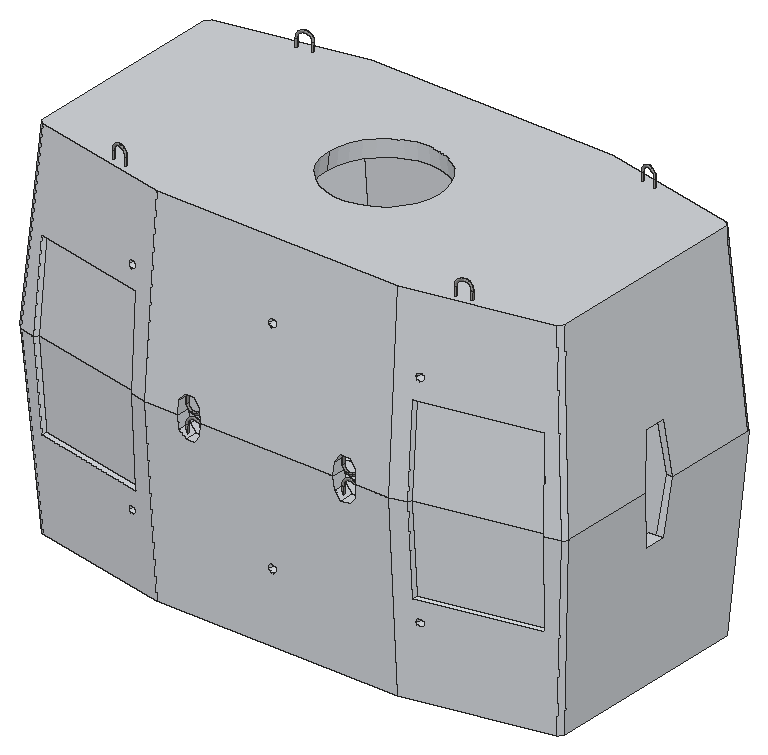
Revit family "110101-00062 Колодец ККСр-5-10 ГЕК-ССД", category Обобщенные модели, Revit 2019
Family settings
  Может служить основой для арматурных стержней = Нет
  Размер круглого соединителя = Использовать диаметр
  Тип детали = Нормальный
  На основе рабочей плоскости = Нет
  Всегда вертикально = Да
  При загрузке вырезать с полостями = Нет
  Общий = Нет
  Точка расчета площади = Нет
Parameters (values of type "Колодец ККСр-5-10 ГЕК-ССД")
  ADSK_Ширина = 1600 mm
  ADSK_Ссылка на сайт = "https://www.ssd.ru/kolodets-kksr-5-10-gek-ssd-v22-5"
  ADSK_Сертификат соответствия = "https://www.ssd.ru/upload/iblock/ec0/sert_b25_0221.pdf"
  ADSK_Наименование = "Колодец ККСр-5-10 ГЕК-ССД"
  ADSK_Масса = "4723"
  ADSK_Марка = "ККСр"
  ADSK_Код изделия = "110101-00062"
  ADSK_Класс бетона = "В25"
  ADSK_Изготовитель = "АО \"СВЯЗЬСТРОЙДЕТАЛЬ\""
  ADSK_Длина = 2990 mm
  ADSK_Высота = 2000 mm
Reference planes
  plane 1 "По центру (Вперед/Назад)": y = 0
  plane 2: z = 0
  plane 3 "По центру (Влево/Вправо)": x = 0
Dimensions and locks
  "ADSK_Высота": nested 1 to nested 2
  "ADSK_Ширина": nested 2 to nested 2
  "ADSK_Длина": nested 2 to nested 2
  aligned and locked: level to plane 2
Nested families
  nested 1: "110101-00062 Колодец ККСр-5-10 Низ" at (0, 0, 0), type "110101-00062 Колодец ККСр-5-10 Низ"
  nested 2: "110101-00062 Колодец ККСр-5-10 Верх" at (0, 0, 1000), type "110101-00062 Колодец ККСр-5-10 Верх"
Definition of nested family "110101-00062 Колодец ККСр-5-10 Низ"
  Parameters
    Ширина = 1600 mm
    Длина = 2990 mm
    Высота = 1000 mm
  Reference planes
    plane 1 "По центру (Вперед/Назад)": y = 0
    plane 2: z = 0
    plane 3 "По центру (Влево/Вправо)": x = 0
    plane 4: x = -1495
    plane 5: y = 800
    plane 6: x = 1495
    plane 7: y = -800
    plane 8: y = 730
    plane 9: x = -1425
    plane 10: x = 1425
    plane 11: y = -730
    plane 12: z = 1000
    plane 13: z = 50
    plane 14: z = 100
    plane 15: z = 150
  Forms (mm)
    Blend 1, solid
      base sketch origin (0, 0, 0) x (1, 0, 0) y (0, 1, 0)
        loop
          line (-658, 730) -> (-1399.852, 578.148) -> (-1425, 553) -> (-1425, -553) -> (-1399.852, -578.148) -> (-658, -730) -> (658, -730) -> (1399.852, -578.148) -> (1425, -553) -> (1425, 553) -> (1399.852, 578.148) -> (658, 730) -> (-658, 730)
      top sketch origin (0, 0, 0) x (1, 0, 0) y (0, 1, 0)
        loop
          line (-664.49, 800) -> (-1475.406, 634.011) -> (-1495, 610) -> (-1495, -610) -> (-1475.406, -634.011) -> (-664.49, -800) -> (664.49, -800) -> (1475.406, -634.011) -> (1495, -610) -> (1495, 610) -> (1475.406, 634.011) -> (664.49, 800) -> (-664.49, 800)
      from 0 to 1000
    Blend 2, void
      base sketch origin (0, 0, 0) x (1, 0, 0) y (0, 1, 0)
        loop
          line (-650, 650) -> (-1345, 508) -> (-1345, 0) -> (-1345, -508) -> (-650, -650) -> (650, -650) -> (1345, -508) -> (1345, 0) -> (1345, 508) -> (650, 650) -> (-650, 650)
      top sketch origin (0, 0, 0) x (1, 0, 0) y (0, 1, 0)
        loop
          line (-1425, -573) -> (-658, -730) -> (658, -730) -> (1425, -573) -> (1425, 573) -> (658, 730) -> (-658, 730) -> (-1425, 573) -> (-1425, -573)
      from 150 to 1000
    Blend 3, void
      base sketch origin (-0.01, 0, 0) x (1, 0, 0) y (0, 1, 0)
        loop
          line (-645, 600) -> (-1295, 467) -> (-1295, -467) -> (-645, -600) -> (645, -600) -> (1295, -467) -> (1295, 467) -> (645, 600) -> (-645, 600)
      top sketch origin (-0.01, 0, 0) x (1, 0, 0) y (0, 1, 0)
        loop
          line (-650, 650) -> (-1345, 508) -> (-1345, -508) -> (-650, -650) -> (650, -650) -> (1345, -508) -> (1345, 508) -> (650, 650) -> (-650, 650)
      from 100 to 150
    Blend 4, void
      base sketch origin (0, 0, 0) x (1, 0, 0) y (0, 1, 0)
        loop
          line (-125, 250) -> (-125, -250) -> (125, -250) -> (125, 250) -> (-125, 250)
      top sketch origin (0, 0, 0) x (1, 0, 0) y (0, 1, 0)
        loop
          line (-175, 300) -> (-175, -300) -> (175, -300) -> (175, 300) -> (-175, 300)
      from 50 to 100
    Extrusion 5, void
      sketch origin (0, 0, 0) x (1, 0, 0) y (0, 0, 1)
        loop
          line (487, 1000) -> (362, 1000) -> (367, 930) -> (399, 890) -> (450, 890) -> (482, 930) -> (487, 1000)
      from 716.217 to 800
    Extrusion 6, void
      sketch origin (0, 0, 0) x (-1, 0, 0) y (0, 0, -1)
        loop
          line (487, -1000) -> (482, -930) -> (450, -890) -> (399, -890) -> (367, -930) -> (362, -1000) -> (487, -1000)
      from 716.217 to 800
    Extrusion 7, void
      sketch origin (0, 0, 0) x (0, 1, 0) y (0, 0, 1)
        loop
          line (97.5, 1000) -> (-97.5, 1000) -> (-62.5, 710) -> (62.5, 710) -> (97.5, 1000)
      from -1495 to -1390.146
    Blend 8, void
      base sketch origin (-1345.479, 254, 155.095) x (0.093704, 0, -0.9956) y (0, -1, 0)
        loop
          line (-853.756, 341.5) -> (-561.128, 306.338) -> (-337.475, 335.985) -> (-337.475, 581.019) -> (-853.756, 634.556) -> (-853.756, 341.5)
      top sketch origin (-1345.479, 254, 155.095) x (0.093704, 0, -0.9956) y (0, -1, 0)
        loop
          line (-853.756, 351.124) -> (-563.962, 316.303) -> (-347.475, 345) -> (-347.475, 572.379) -> (-853.756, 624.879) -> (-853.756, 351.124)
      from 0 to 33.233
    Blend 9, void
      base sketch origin (-1345.479, -254, 155.095) x (0.093704, 0, -0.9956) y (0, -1, 0)
        loop
          line (-853.756, -341.5) -> (-853.756, -634.556) -> (-337.475, -581.019) -> (-337.475, -335.985) -> (-561.128, -306.338) -> (-853.756, -341.5)
      top sketch origin (-1345.479, -254, 155.095) x (0.093704, 0, -0.9956) y (0, -1, 0)
        loop
          line (-853.756, -351.124) -> (-853.756, -624.879) -> (-347.475, -572.379) -> (-347.475, -345) -> (-563.962, -316.303) -> (-853.756, -351.124)
      from 0 to 33.233
    Blend 10, void
      base sketch origin (1346.659, -254, 155.095) x (-0.093704, 0, -0.9956) y (0, 1, 0)
        loop
          line (-853.756, 341.5) -> (-561.128, 306.338) -> (-337.475, 335.985) -> (-337.475, 581.019) -> (-853.756, 634.556) -> (-853.756, 341.5)
      top sketch origin (1346.659, -254, 155.095) x (-0.093704, 0, -0.9956) y (0, 1, 0)
        loop
          line (-853.756, 351.124) -> (-563.962, 316.303) -> (-347.475, 345) -> (-347.475, 572.379) -> (-853.756, 624.879) -> (-853.756, 351.124)
      from -8.701 to 33.233
    Blend 11, void
      base sketch origin (1346.659, 254, 155.095) x (-0.093704, 0, -0.9956) y (0, 1, 0)
        loop
          line (-853.756, -341.5) -> (-853.756, -634.556) -> (-337.475, -581.019) -> (-337.475, -335.985) -> (-561.128, -306.338) -> (-853.756, -341.5)
      top sketch origin (1346.659, 254, 155.095) x (-0.093704, 0, -0.9956) y (0, 1, 0)
        loop
          line (-853.756, -351.124) -> (-853.756, -624.879) -> (-347.475, -572.379) -> (-347.475, -345) -> (-563.962, -316.303) -> (-853.756, -351.124)
      from -2.349 to 33.233
    Extrusion 12, void
      sketch origin (0, 0, 0) x (0, 1, 0) y (0, 0, -1)
        loop
          line (97.5, -1000) -> (62.5, -710) -> (-62.5, -710) -> (-97.5, -1000) -> (97.5, -1000)
      from -1495 to -1390.146
    Blend 13, void
      base sketch origin (-1028.926, -654.074, 0) x (-0.979686, 0.200536, 0) y (-0.013979, -0.068294, 0.997567)
        loop
          line (352.569, 1002.653) -> (-297.433, 1002.653) -> (-287.224, 514.222) -> (342.36, 514.222) -> (352.569, 1002.653)
      top sketch origin (-1028.926, -654.074, 0) x (-0.979686, 0.200536, 0) y (-0.013979, -0.068294, 0.997567)
        loop
          line (342.569, 1002.653) -> (-287.431, 1002.653) -> (-277.398, 522.653) -> (332.536, 522.653) -> (342.569, 1002.653)
      from 0 to 19.546
    Blend 14, void
      base sketch origin (-1028.926, 654.074, 0) x (-0.979686, -0.200536, 0) y (0.013979, -0.068294, -0.997567)
        loop
          line (352.569, -1002.653) -> (342.36, -514.222) -> (-287.224, -514.222) -> (-297.433, -1002.653) -> (352.569, -1002.653)
      top sketch origin (-1028.926, 654.074, 0) x (-0.979686, -0.200536, 0) y (0.013979, -0.068294, -0.997567)
        loop
          line (342.569, -1002.653) -> (332.536, -522.653) -> (-277.398, -522.653) -> (-287.431, -1002.653) -> (342.569, -1002.653)
      from 0 to 19.546
    Blend 15, void
      base sketch origin (1028.926, 654.074, 0) x (0.979686, -0.200536, 0) y (0.013979, 0.068294, 0.997567)
        loop
          line (352.569, 1002.653) -> (-297.433, 1002.653) -> (-287.224, 514.222) -> (342.36, 514.222) -> (352.569, 1002.653)
      top sketch origin (1028.926, 654.074, 0) x (0.979686, -0.200536, 0) y (0.013979, 0.068294, 0.997567)
        loop
          line (342.569, 1002.653) -> (-287.431, 1002.653) -> (-277.398, 522.653) -> (332.536, 522.653) -> (342.569, 1002.653)
      from 0 to 19.546
    Blend 16, void
      base sketch origin (1028.926, -654.074, 0) x (0.979686, 0.200536, 0) y (-0.013979, 0.068294, -0.997567)
        loop
          line (352.569, -1002.653) -> (342.36, -514.222) -> (-287.224, -514.222) -> (-297.433, -1002.653) -> (352.569, -1002.653)
      top sketch origin (1028.926, -654.074, 0) x (0.979686, 0.200536, 0) y (-0.013979, 0.068294, -0.997567)
        loop
          line (342.569, -1002.653) -> (332.536, -522.653) -> (-277.398, -522.653) -> (-287.431, -1002.653) -> (342.569, -1002.653)
      from 0 to 19.546
    Sweep 17, solid, detail levels fine
      path origin (234.489, 0, -98.17) x (1, 0, 0) y (0, 0, 1)
        loop
          line (230, 1000) -> (230, 1045)
          arc (230, 1045) -> (190, 1085) -> (150, 1045) r 40
          line (150, 1045) -> (150, 1000)
      profile origin (464.489, 0, 924.33) x (-1, 0, 0) y (0, -1, 0)
        loop
          circle (0, 760.974) r 5
    Extrusion 18, void
      sketch origin (0, 0, 0) x (-1, 0, 0) y (0, 0, 1)
        loop
          line (487, 1000) -> (362, 1000) -> (367, 930) -> (399, 890) -> (450, 890) -> (482, 930) -> (487, 1000)
      from 716.217 to 800
    Extrusion 19, void
      sketch origin (0, 0, 0) x (1, 0, 0) y (0, 0, -1)
        loop
          line (487, -1000) -> (482, -930) -> (450, -890) -> (399, -890) -> (367, -930) -> (362, -1000) -> (487, -1000)
      from 716.217 to 800
    Sweep 20, solid, detail levels fine
      path origin (-234.489, 0, -98.17) x (-1, 0, 0) y (0, 0, 1)
        loop
          line (230, 1000) -> (230, 1045)
          arc (230, 1045) -> (190, 1085) -> (150, 1045) r 40
          line (150, 1045) -> (150, 1000)
      profile origin (-464.489, 0, 924.33) x (-1, 0, 0) y (0, -1, 0)
        loop
          circle (0, 760.974) r 5
    Sweep 21, solid, detail levels fine
      path origin (-234.489, 0, -98.17) x (-1, 0, 0) y (0, 0, 1)
        loop
          line (230, 1000) -> (230, 1045)
          arc (230, 1045) -> (190, 1085) -> (150, 1045) r 40
          line (150, 1045) -> (150, 1000)
      profile origin (-464.489, 0, 924.33) x (1, 0, 0) y (0, 1, 0)
        loop
          circle (0, 760.974) r 5
    Sweep 22, solid, detail levels fine
      path origin (234.489, 0, -98.17) x (1, 0, 0) y (0, 0, -1)
        loop
          line (230, -1000) -> (230, -1045)
          arc (230, -1045) -> (190, -1085) -> (150, -1045) r 40
          line (150, -1045) -> (150, -1000)
      profile origin (464.489, 0, 924.33) x (1, 0, 0) y (0, 1, 0)
        loop
          circle (0, 760.974) r 5
    Blend 23, void, detail levels medium+fine
      base sketch origin (-412.882, 0, -10.295) x (1, 0, 0) y (0, 0, 1)
        loop
          circle (413.032, 410.459) r 22.5
      top sketch origin (-412.882, 0, -10.295) x (1, 0, 0) y (0, 0, 1)
        loop
          circle (413.032, 410.459) r 7.016
      from 760.5 to 719.744
    Blend 24, void, detail levels medium+fine
      base sketch origin (-412.882, 0, -10.295) x (1, 0, 0) y (0, 0, 1)
        loop
          circle (413.032, 410.459) r 7.016
      top sketch origin (-412.882, 0, -10.295) x (1, 0, 0) y (0, 0, 1)
        loop
          circle (413.032, 410.459) r 6.25
      from 719.744 to 672.1
    Blend 25, void, detail levels medium+fine
      base sketch origin (372.118, 0, -10.295) x (1, 0, 0) y (0, 0, 1)
        loop
          circle (413.032, 410.459) r 22.5
      top sketch origin (372.118, 0, -10.295) x (1, 0, 0) y (0, 0, 1)
        loop
          circle (413.032, 410.459) r 7.016
      from 741.202 to 679.836
    Blend 26, void, detail levels medium+fine
      base sketch origin (372.118, 0, -10.295) x (1, 0, 0) y (0, 0, 1)
        loop
          circle (413.032, 410.459) r 7.016
      top sketch origin (372.118, 0, -10.295) x (1, 0, 0) y (0, 0, 1)
        loop
          circle (413.032, 410.459) r 6.25
      from 679.836 to 638.328
    Blend 27, void, detail levels medium+fine
      base sketch origin (-372.118, 0, -10.295) x (-1, 0, 0) y (0, 0, -1)
        loop
          circle (413.032, -410.459) r 22.5
      top sketch origin (-372.118, 0, -10.295) x (-1, 0, 0) y (0, 0, -1)
        loop
          circle (413.032, -410.459) r 7.016
      from 741.202 to 679.836
    Blend 28, void, detail levels medium+fine
      base sketch origin (-372.118, 0, -10.295) x (-1, 0, 0) y (0, 0, -1)
        loop
          circle (413.032, -410.459) r 7.016
      top sketch origin (-372.118, 0, -10.295) x (-1, 0, 0) y (0, 0, -1)
        loop
          circle (413.032, -410.459) r 6.25
      from 679.836 to 638.328
    Blend 29, void, detail levels medium+fine
      base sketch origin (-412.882, 0, -10.295) x (1, 0, 0) y (0, 0, -1)
        loop
          circle (413.032, -410.459) r 22.5
      top sketch origin (-412.882, 0, -10.295) x (1, 0, 0) y (0, 0, -1)
        loop
          circle (413.032, -410.459) r 7.016
      from 760.5 to 719.744
    Blend 30, void, detail levels medium+fine
      base sketch origin (-412.882, 0, -10.295) x (1, 0, 0) y (0, 0, -1)
        loop
          circle (413.032, -410.459) r 7.016
      top sketch origin (-412.882, 0, -10.295) x (1, 0, 0) y (0, 0, -1)
        loop
          circle (413.032, -410.459) r 6.25
      from 719.744 to 672.1
    Blend 31, void, detail levels medium+fine
      base sketch origin (372.118, 0, -10.295) x (1, 0, 0) y (0, 0, -1)
        loop
          circle (413.032, -410.459) r 22.5
      top sketch origin (372.118, 0, -10.295) x (1, 0, 0) y (0, 0, -1)
        loop
          circle (413.032, -410.459) r 7.016
      from 741.202 to 679.836
    Blend 32, void, detail levels medium+fine
      base sketch origin (372.118, 0, -10.295) x (1, 0, 0) y (0, 0, -1)
        loop
          circle (413.032, -410.459) r 7.016
      top sketch origin (372.118, 0, -10.295) x (1, 0, 0) y (0, 0, -1)
        loop
          circle (413.032, -410.459) r 6.25
      from 679.836 to 638.328
    Blend 33, void, detail levels medium+fine
      base sketch origin (-372.118, 0, -10.295) x (-1, 0, 0) y (0, 0, 1)
        loop
          circle (413.032, 410.459) r 22.5
      top sketch origin (-372.118, 0, -10.295) x (-1, 0, 0) y (0, 0, 1)
        loop
          circle (413.032, 410.459) r 7.016
      from 741.202 to 679.836
    Blend 34, void, detail levels medium+fine
      base sketch origin (-372.118, 0, -10.295) x (-1, 0, 0) y (0, 0, 1)
        loop
          circle (413.032, 410.459) r 7.016
      top sketch origin (-372.118, 0, -10.295) x (-1, 0, 0) y (0, 0, 1)
        loop
          circle (413.032, 410.459) r 6.25
      from 679.836 to 638.328
  Cuts and joins
    Blend 2, Blend 3, Blend 4, Extrusion 5, Extrusion 6, Extrusion 7, Blend 8, Blend 9, Blend 10, Blend 11, Extrusion 12, Blend 13, Blend 14, Blend 15, Blend 16, Extrusion 18, Extrusion 19, Blend 23, Blend 24, Blend 25, Blend 26, Blend 27, Blend 28, Blend 29, Blend 30, Blend 31, Blend 32, Blend 33, Blend 34 cuts Blend 1
  Dimensions and locks
    "Длина": plane 4 to plane 6
    equal spacing: plane 4, plane 3 "По центру (Влево/Вправо)", plane 6
    "Ширина": plane 5 to plane 7
    equal spacing: plane 5, plane 1 "По центру (Вперед/Назад)", plane 7
    "Высота": plane 12 to level
    cut or joined group of Blend 1, Blend 2, Blend 3, Blend 4, Extrusion 5, Extrusion 6, Extrusion 7, Blend 8, Blend 9, Blend 10, Blend 11, Extrusion 12, Blend 13, Blend 14, Blend 15, Blend 16, Extrusion 18, Extrusion 19, Blend 23, Blend 24, Blend 25, Blend 26, Blend 27, Blend 28, Blend 29, Blend 30, Blend 31, Blend 32, Blend 33, Blend 34 to plane 12 = 1000 mm
    aligned and locked: level to plane 2
    aligned and locked: plane 12 to Blend 1
    aligned and locked: Blend 1 to level
    aligned and locked: Blend 1 to Blend 2
    aligned and locked: Blend 2 to plane 15
    aligned and locked: var sketch to Blend 13 sketch curve
    aligned and locked: Blend 9 to Blend 8
    aligned and locked: var sketch to Blend 14 sketch curve
    aligned and locked: var sketch to Blend 15 sketch curve
    aligned and locked: var sketch to Blend 16 sketch curve
  Automatic sketch dimensions
    Blend 1 sketch curve to plane 9 = 0 mm
    plane 11 to Blend 1 sketch curve = 0 mm
    Blend 1 sketch curve to plane 8 = 0 mm
    Blend 1 sketch curve to plane 10 = 0 mm
    plane 9 to Blend 1 sketch curve = 25.148 mm  (x2)
    Blend 1 sketch curve to plane 3 "По центру (Влево/Вправо)" = 658 mm  (x2)
    plane 3 "По центру (Влево/Вправо)" to Blend 1 sketch curve = 658 mm  (x2)
    plane 10 to Blend 1 sketch curve = 25.148 mm  (x2)
    Blend 1 sketch curve to plane 11 = 151.852 mm  (x2)
    Blend 1 sketch curve to Blend 1 sketch curve = 25.148 mm  (x4)
    Blend 1 sketch curve to plane 8 = 177 mm  (x2)
    Blend 1 sketch curve to plane 4 = 0 mm
    Blend 1 sketch curve to plane 5 = 0 mm
    Blend 1 sketch curve to plane 7 = 0 mm
    Blend 1 sketch curve to plane 6 = 0 mm
    plane 4 to Blend 1 sketch curve = 19.594 mm  (x2)
    Blend 1 sketch curve to plane 3 "По центру (Влево/Вправо)" = 664.49 mm  (x2)
    plane 3 "По центру (Влево/Вправо)" to Blend 1 sketch curve = 664.49 mm  (x2)
    Blend 1 sketch curve to plane 6 = 19.594 mm  (x2)
    plane 7 to Blend 1 sketch curve = 165.989 mm  (x2)
    Blend 1 sketch curve to Blend 1 sketch curve = 24.011 mm  (x4)
    Blend 1 sketch curve to plane 5 = 190 mm  (x2)
    plane 1 "По центру (Вперед/Назад)" to Blend 2 sketch curve = 0 mm  (x2)
    plane 4 to Blend 2 sketch curve = 150 mm
    plane 7 to Blend 2 sketch curve = 150 mm
    Blend 2 sketch curve to plane 3 "По центру (Влево/Вправо)" = 650 mm  (x2)
    Blend 2 sketch curve to plane 5 = 150 mm
    plane 3 "По центру (Влево/Вправо)" to Blend 2 sketch curve = 650 mm  (x2)
    Blend 2 sketch curve to plane 6 = 150 mm
    plane 7 to Blend 2 sketch curve = 292 mm  (x2)
    Blend 2 sketch curve to plane 5 = 292 mm  (x2)
    plane 4 to Blend 2 sketch curve = 70 mm
    Blend 2 sketch curve to plane 5 = 70 mm
    Blend 2 sketch curve to plane 3 "По центру (Влево/Вправо)" = 658 mm  (x2)
    plane 7 to Blend 2 sketch curve = 70 mm
    plane 3 "По центру (Влево/Вправо)" to Blend 2 sketch curve = 658 mm  (x2)
    Blend 2 sketch curve to plane 6 = 70 mm
    plane 7 to Blend 2 sketch curve = 227 mm  (x2)
    Blend 2 sketch curve to plane 5 = 227 mm  (x2)
    plane 4 to Blend 3 sketch curve = 199.99 mm
    Blend 3 sketch curve to plane 5 = 200 mm
    Blend 3 sketch curve to plane 3 "По центру (Влево/Вправо)" = 645.01 mm  (x2)
    plane 7 to Blend 3 sketch curve = 200 mm
    plane 3 "По центру (Влево/Вправо)" to Blend 3 sketch curve = 644.99 mm  (x2)
    Blend 3 sketch curve to plane 6 = 200.01 mm
    plane 7 to Blend 3 sketch curve = 333 mm  (x2)
    Blend 3 sketch curve to plane 5 = 333 mm  (x2)
    plane 4 to Blend 3 sketch curve = 149.99 mm
    Blend 3 sketch curve to plane 5 = 150 mm
    Blend 3 sketch curve to plane 3 "По центру (Влево/Вправо)" = 650.01 mm  (x2)
    plane 7 to Blend 3 sketch curve = 150 mm
    plane 3 "По центру (Влево/Вправо)" to Blend 3 sketch curve = 649.99 mm  (x2)
    Blend 3 sketch curve to plane 6 = 150.01 mm
    plane 7 to Blend 3 sketch curve = 292 mm  (x2)
    Blend 3 sketch curve to plane 5 = 292 mm  (x2)
    Blend 4 sketch curve to plane 3 "По центру (Влево/Вправо)" = 125 mm
    plane 3 "По центру (Влево/Вправо)" to Blend 4 sketch curve = 125 mm
    plane 1 "По центру (Вперед/Назад)" to Blend 4 sketch curve = 250 mm
    Blend 4 sketch curve to plane 1 "По центру (Вперед/Назад)" = 250 mm
    Blend 4 sketch curve to plane 3 "По центру (Влево/Вправо)" = 175 mm
    plane 3 "По центру (Влево/Вправо)" to Blend 4 sketch curve = 175 mm
    plane 1 "По центру (Вперед/Назад)" to Blend 4 sketch curve = 300 mm
    Blend 4 sketch curve to plane 1 "По центру (Вперед/Назад)" = 300 mm
    Extrusion 5 sketch curve to plane 12 = 0 mm
    plane 3 "По центру (Влево/Вправо)" to Extrusion 5 sketch curve = 362 mm
    Extrusion 5 sketch curve to plane 12 = 70 mm  (x2)
    Extrusion 5 sketch curve to Extrusion 5 sketch curve = 5 mm  (x2)
    Extrusion 5 sketch curve to Extrusion 5 sketch curve = 32 mm  (x2)
    Extrusion 5 sketch curve to plane 12 = 110 mm
    Extrusion 5 sketch curve to Extrusion 5 sketch curve = 51 mm
    Extrusion 6 sketch curve to plane 12 = 0 mm
    plane 3 "По центру (Влево/Вправо)" to Extrusion 6 sketch curve = 362 mm
    plane 12 to Extrusion 6 sketch curve = 70 mm  (x2)
    Extrusion 6 sketch curve to Extrusion 6 sketch curve = 5 mm  (x2)
    Extrusion 6 sketch curve to Extrusion 6 sketch curve = 32 mm  (x2)
    plane 12 to Extrusion 6 sketch curve = 110 mm
    Extrusion 6 sketch curve to Extrusion 6 sketch curve = 51 mm
    Extrusion 7 sketch curve to plane 12 = 0 mm
    plane 1 "По центру (Вперед/Назад)" to Extrusion 7 sketch curve = 97.5 mm
    plane 1 "По центру (Вперед/Назад)" to Extrusion 7 sketch curve = 62.5 mm
    Extrusion 7 sketch curve to plane 1 "По центру (Вперед/Назад)" = 62.5 mm
    Extrusion 7 sketch curve to plane 1 "По центру (Вперед/Назад)" = 97.5 mm
    Extrusion 7 sketch curve to plane 12 = 290 mm
    Blend 2 to Blend 8 sketch curve = 5.117 mm  (x2)
    Blend 8 sketch curve to Blend 2 = 287.512 mm
    Blend 8 sketch curve to Blend 2 = 342.592 mm
    Blend 2 to Blend 8 sketch curve = 272.097 mm
    Blend 8 sketch curve to Blend 8 sketch curve = 29.647 mm
    Blend 8 sketch curve to Blend 8 sketch curve = 35.162 mm
    Blend 8 sketch curve to Blend 8 sketch curve = 245.034 mm
    Blend 8 sketch curve to Blend 8 sketch curve = 293.056 mm
    Blend 8 sketch curve to Blend 2 = 284.677 mm
    Blend 8 sketch curve to Blend 8 sketch curve = 216.487 mm
    Blend 2 to Blend 8 sketch curve = 265.402 mm
    Blend 8 sketch curve to Blend 8 sketch curve = 28.697 mm
    Blend 8 sketch curve to Blend 8 sketch curve = 34.821 mm
    Blend 8 sketch curve to Blend 8 sketch curve = 227.379 mm
    Blend 8 sketch curve to Blend 8 sketch curve = 273.755 mm
    Blend 2 to Blend 9 sketch curve = 5.117 mm  (x2)
    Blend 9 sketch curve to Blend 2 = 287.512 mm
    Blend 9 sketch curve to Blend 2 = 342.592 mm
    Blend 9 sketch curve to Blend 2 = 192.277 mm
    Blend 9 sketch curve to Blend 9 sketch curve = 53.537 mm
    Blend 9 sketch curve to Blend 9 sketch curve = 293.056 mm
    Blend 9 sketch curve to Blend 9 sketch curve = 245.034 mm
    Blend 9 sketch curve to Blend 9 sketch curve = 29.647 mm
    Blend 9 sketch curve to Blend 2 = 284.677 mm
    Blend 9 sketch curve to Blend 9 sketch curve = 216.487 mm
    Blend 9 sketch curve to Blend 2 = 201.926 mm
    Blend 9 sketch curve to Blend 9 sketch curve = 52.5 mm
    Blend 9 sketch curve to Blend 9 sketch curve = 273.755 mm
    Blend 9 sketch curve to Blend 9 sketch curve = 227.379 mm
    Blend 9 sketch curve to Blend 9 sketch curve = 28.697 mm
    Blend 10 sketch curve to plane 1 "По центру (Вперед/Назад)" = 87.5 mm
    Blend 10 sketch curve to plane 1 "По центру (Вперед/Назад)" = 52.338 mm
    Blend 10 sketch curve to Blend 10 sketch curve = 292.629 mm
    Blend 10 sketch curve to Blend 10 sketch curve = 223.653 mm
    Blend 10 sketch curve to plane 1 "По центру (Вперед/Назад)" = 81.985 mm
    Blend 10 sketch curve to Blend 10 sketch curve = 245.034 mm
    Blend 10 sketch curve to Blend 10 sketch curve = 293.056 mm
    Blend 10 sketch curve to plane 1 "По центру (Вперед/Назад)" = 370.879 mm
    Blend 10 sketch curve to plane 1 "По центру (Вперед/Назад)" = 62.303 mm
    Blend 10 sketch curve to Blend 10 sketch curve = 289.794 mm
    Blend 10 sketch curve to plane 1 "По центру (Вперед/Назад)" = 318.379 mm
    Blend 10 sketch curve to Blend 10 sketch curve = 216.487 mm
    Blend 10 sketch curve to plane 1 "По центру (Вперед/Назад)" = 91 mm
    Blend 10 sketch curve to plane 1 "По центру (Вперед/Назад)" = 97.124 mm
    plane 1 "По центру (Вперед/Назад)" to Blend 11 sketch curve = 87.5 mm
    plane 1 "По центру (Вперед/Назад)" to Blend 11 sketch curve = 52.338 mm
    Blend 11 sketch curve to Blend 11 sketch curve = 292.629 mm
    Blend 11 sketch curve to Blend 11 sketch curve = 223.653 mm
    plane 1 "По центру (Вперед/Назад)" to Blend 11 sketch curve = 327.019 mm
    Blend 11 sketch curve to Blend 11 sketch curve = 293.056 mm
    plane 1 "По центру (Вперед/Назад)" to Blend 11 sketch curve = 81.985 mm
    plane 1 "По центру (Вперед/Назад)" to Blend 11 sketch curve = 370.879 mm
    plane 1 "По центру (Вперед/Назад)" to Blend 11 sketch curve = 62.303 mm
    Blend 11 sketch curve to Blend 11 sketch curve = 289.794 mm
    plane 1 "По центру (Вперед/Назад)" to Blend 11 sketch curve = 318.379 mm
    Blend 11 sketch curve to Blend 11 sketch curve = 216.487 mm
    plane 1 "По центру (Вперед/Назад)" to Blend 11 sketch curve = 97.124 mm
    plane 1 "По центру (Вперед/Назад)" to Blend 11 sketch curve = 91 mm
    Extrusion 12 sketch curve to plane 12 = 0 mm
    plane 1 "По центру (Вперед/Назад)" to Extrusion 12 sketch curve = 97.5 mm
    plane 1 "По центру (Вперед/Назад)" to Extrusion 12 sketch curve = 62.5 mm
    Extrusion 12 sketch curve to plane 1 "По центру (Вперед/Назад)" = 62.5 mm
    Extrusion 12 sketch curve to plane 1 "По центру (Вперед/Назад)" = 97.5 mm
    Extrusion 12 sketch curve to plane 12 = 290 mm
    Blend 1 to Blend 13 sketch curve = 0.214 mm
    Blend 1 to Blend 13 sketch curve = 88.862 mm
    Blend 13 sketch curve to Blend 13 sketch curve = 10.209 mm  (x2)
    Blend 13 sketch curve to Blend 1 = 488.216 mm
    Blend 13 sketch curve to Blend 13 sketch curve = 629.584 mm
    Blend 1 to Blend 13 sketch curve = 98.864 mm
    Blend 13 sketch curve to Blend 1 = 479.786 mm
    Blend 13 sketch curve to Blend 13 sketch curve = 10.033 mm  (x2)
    Blend 13 sketch curve to Blend 13 sketch curve = 609.934 mm
    Blend 14 sketch curve to Blend 14 sketch curve = 10.209 mm  (x2)
    Blend 14 sketch curve to Blend 14 sketch curve = 629.584 mm
    Blend 14 sketch curve to Blend 14 sketch curve = 488.43 mm
    Blend 14 sketch curve to Blend 14 sketch curve = 10.033 mm  (x2)
    Blend 14 sketch curve to Blend 14 sketch curve = 609.934 mm
    Blend 14 sketch curve to Blend 14 sketch curve = 480 mm
    Blend 15 sketch curve to Blend 15 sketch curve = 10.209 mm  (x2)
    Blend 15 sketch curve to Blend 15 sketch curve = 629.584 mm
    Blend 15 sketch curve to Blend 15 sketch curve = 488.43 mm
    Blend 15 sketch curve to Blend 15 sketch curve = 10.033 mm  (x2)
    Blend 15 sketch curve to Blend 15 sketch curve = 609.934 mm
    Blend 15 sketch curve to Blend 15 sketch curve = 480 mm
    Blend 16 sketch curve to Blend 16 sketch curve = 10.209 mm  (x2)
    Blend 16 sketch curve to Blend 16 sketch curve = 629.584 mm
    Blend 16 sketch curve to Blend 16 sketch curve = 488.43 mm
    Blend 16 sketch curve to Blend 16 sketch curve = 10.033 mm  (x2)
    Blend 16 sketch curve to Blend 16 sketch curve = 609.934 mm
    Blend 16 sketch curve to Blend 16 sketch curve = 480 mm
    Sweep 17 sketch curve to plane 12 = 53.17 mm
    plane 3 "По центру (Влево/Вправо)" to Sweep 17 sketch curve = 384.489 mm
    Sweep 17 sketch curve to Sweep 17 sketch curve = 40 mm
    Sweep 17 sketch curve to Sweep 17 sketch curve = 45 mm  (x2)
    Sweep 17 sketch curve to profile plane = 0 mm
    plane 1 "По центру (Вперед/Назад)" to Sweep 17 sketch curve = 760.974 mm
    Extrusion 18 sketch curve to plane 12 = 0 mm
    Extrusion 18 sketch curve to plane 3 "По центру (Влево/Вправо)" = 362 mm
    Extrusion 18 sketch curve to plane 12 = 70 mm  (x2)
    Extrusion 18 sketch curve to Extrusion 18 sketch curve = 5 mm  (x2)
    Extrusion 18 sketch curve to Extrusion 18 sketch curve = 32 mm  (x2)
    Extrusion 18 sketch curve to plane 12 = 110 mm
    Extrusion 18 sketch curve to Extrusion 18 sketch curve = 51 mm
    Extrusion 19 sketch curve to plane 12 = 0 mm
    plane 3 "По центру (Влево/Вправо)" to Extrusion 19 sketch curve = 362 mm
    Extrusion 19 sketch curve to plane 12 = 70 mm  (x2)
    Extrusion 19 sketch curve to Extrusion 19 sketch curve = 5 mm  (x2)
    Extrusion 19 sketch curve to Extrusion 19 sketch curve = 32 mm  (x2)
    Extrusion 19 sketch curve to plane 12 = 110 mm
    Extrusion 19 sketch curve to Extrusion 19 sketch curve = 51 mm
    plane 12 to Sweep 20 sketch curve = 53.17 mm
    plane 3 "По центру (Влево/Вправо)" to Sweep 20 sketch curve = 384.489 mm
    Sweep 20 sketch curve to Sweep 20 sketch curve = 40 mm
    Sweep 20 sketch curve to Sweep 20 sketch curve = 45 mm  (x2)
    Sweep 20 sketch curve to profile plane = 0 mm
    plane 1 "По центру (Вперед/Назад)" to Sweep 20 sketch curve = 760.974 mm
    Sweep 21 sketch curve to plane 12 = 53.17 mm
    Sweep 21 sketch curve to plane 3 "По центру (Влево/Вправо)" = 384.489 mm
    Sweep 21 sketch curve to Sweep 21 sketch curve = 40 mm
    Sweep 21 sketch curve to Sweep 21 sketch curve = 45 mm  (x2)
    Sweep 21 sketch curve to profile plane = 0 mm
    profile plane to Sweep 21 sketch curve = 760.974 mm
    Sweep 22 sketch curve to plane 12 = 53.17 mm
    plane 3 "По центру (Влево/Вправо)" to Sweep 22 sketch curve = 384.489 mm
    Sweep 22 sketch curve to Sweep 22 sketch curve = 40 mm
    Sweep 22 sketch curve to Sweep 22 sketch curve = 45 mm  (x2)
    Sweep 22 sketch curve to profile plane = 0 mm
    profile plane to Sweep 22 sketch curve = 760.974 mm
    plane 3 "По центру (Влево/Вправо)" to Blend 23 sketch curve = 0.151 mm  (x2)
    plane 15 to Blend 23 sketch curve = 250.164 mm  (x2)
    plane 3 "По центру (Влево/Вправо)" to Blend 24 sketch curve = 0.151 mm  (x2)
    plane 15 to Blend 24 sketch curve = 250.164 mm  (x2)
    plane 15 to Blend 25 sketch curve = 250.164 mm  (x2)
    Blend 25 sketch curve to plane 6 = 709.849 mm  (x2)
    plane 15 to Blend 26 sketch curve = 250.164 mm  (x2)
    Blend 26 sketch curve to plane 6 = 709.849 mm  (x2)
    Blend 27 sketch curve to plane 15 = 250.164 mm  (x2)
    Blend 27 sketch curve to plane 4 = 709.849 mm  (x2)
    Blend 28 sketch curve to plane 15 = 250.164 mm  (x2)
    Blend 28 sketch curve to plane 4 = 709.849 mm  (x2)
    plane 3 "По центру (Влево/Вправо)" to Blend 29 sketch curve = 0.151 mm  (x2)
    plane 15 to Blend 29 sketch curve = 250.164 mm  (x2)
    plane 3 "По центру (Влево/Вправо)" to Blend 30 sketch curve = 0.151 mm  (x2)
    plane 15 to Blend 30 sketch curve = 250.164 mm  (x2)
    plane 15 to Blend 31 sketch curve = 250.164 mm  (x2)
    Blend 31 sketch curve to plane 6 = 709.849 mm  (x2)
    plane 15 to Blend 32 sketch curve = 250.164 mm  (x2)
    Blend 32 sketch curve to plane 6 = 709.849 mm  (x2)
    plane 15 to Blend 33 sketch curve = 250.164 mm  (x2)
    plane 4 to Blend 33 sketch curve = 709.849 mm  (x2)
    plane 15 to Blend 34 sketch curve = 250.164 mm  (x2)
    plane 4 to Blend 34 sketch curve = 709.849 mm  (x2)
    radius of Sweep 17 sketch curve = 5 mm
    radius of Sweep 20 sketch curve = 5 mm
    radius of Sweep 21 sketch curve = 5 mm
    radius of Sweep 22 sketch curve = 5 mm
    radius of Blend 23 sketch curve = 22.5 mm
    radius of Blend 23 sketch curve = 7.016 mm
    radius of Blend 24 sketch curve = 7.016 mm
    radius of Blend 24 sketch curve = 6.25 mm
    radius of Blend 25 sketch curve = 22.5 mm
    radius of Blend 25 sketch curve = 7.016 mm
    radius of Blend 26 sketch curve = 7.016 mm
    radius of Blend 26 sketch curve = 6.25 mm
    radius of Blend 27 sketch curve = 22.5 mm
    radius of Blend 27 sketch curve = 7.016 mm
    radius of Blend 28 sketch curve = 7.016 mm
    radius of Blend 28 sketch curve = 6.25 mm
    radius of Blend 29 sketch curve = 22.5 mm
    radius of Blend 29 sketch curve = 7.016 mm
    radius of Blend 30 sketch curve = 7.016 mm
    radius of Blend 30 sketch curve = 6.25 mm
    radius of Blend 31 sketch curve = 22.5 mm
    radius of Blend 31 sketch curve = 7.016 mm
    radius of Blend 32 sketch curve = 7.016 mm
    radius of Blend 32 sketch curve = 6.25 mm
    radius of Blend 33 sketch curve = 22.5 mm
    radius of Blend 33 sketch curve = 7.016 mm
    radius of Blend 34 sketch curve = 7.016 mm
    radius of Blend 34 sketch curve = 6.25 mm
Definition of nested family "110101-00062 Колодец ККСр-5-10 Верх"
  Parameters
    Ширина = 1600 mm
    Длина = 2990 mm
    Высота = 1000 mm
  Reference planes
    plane 1 "По центру (Вперед/Назад)": y = 0
    plane 2: z = 0
    plane 3 "По центру (Влево/Вправо)": x = 0
    plane 4: x = -1495
    plane 5: y = 800
    plane 6: x = 1495
    plane 7: y = -800
    plane 8: z = 1000
    plane 9: z = 2000
    plane 10: y = 730
    plane 11: x = -1425
    plane 12: x = 1425
    plane 13: y = -730
    plane 14: z = 1900
    plane 15: z = 1850
    plane 16: z = 900
    plane 17: z = 849.989
  Forms (mm)
    Blend 1, solid
      base sketch origin (0, 0, 1000) x (0, -1, 0) y (1, 0, 0)
        loop
          line (-730, -658) -> (-578.148, -1399.852) -> (-553, -1425) -> (553, -1425) -> (578.148, -1399.852) -> (730, -658) -> (730, 658) -> (578.148, 1399.852) -> (553, 1425) -> (-553, 1425) -> (-578.148, 1399.852) -> (-730, 658) -> (-730, -658)
      top sketch origin (0, 0, 1000) x (0, -1, 0) y (1, 0, 0)
        loop
          line (-800, -664.49) -> (-634.011, -1475.406) -> (-610, -1495) -> (610, -1495) -> (634.011, -1475.406) -> (800, -664.49) -> (800, 664.49) -> (634.011, 1475.406) -> (610, 1495) -> (-610, 1495) -> (-634.011, 1475.406) -> (-800, 664.49) -> (-800, -664.49)
      from 0 to -1000
    Blend 2, void
      base sketch origin (-0.01, 0, 1000) x (0, -1, 0) y (1, 0, 0)
        loop
          line (-600, -645) -> (-467, -1295) -> (467, -1295) -> (600, -645) -> (600, 645) -> (467, 1295) -> (-467, 1295) -> (-600, 645) -> (-600, -645)
      top sketch origin (-0.01, 0, 1000) x (0, -1, 0) y (1, 0, 0)
        loop
          line (-650, -650) -> (-508, -1345) -> (508, -1345) -> (650, -650) -> (650, 650) -> (508, 1345) -> (-508, 1345) -> (-650, 650) -> (-650, -650)
      from -100 to -150
    Blend 3, void
      base sketch origin (0, 0, 1000) x (0, -1, 0) y (1, 0, 0)
        loop
          line (-650, -650) -> (-508, -1345) -> (0, -1345) -> (508, -1345) -> (650, -650) -> (650, 650) -> (508, 1345) -> (0, 1345) -> (-508, 1345) -> (-650, 650) -> (-650, -650)
      top sketch origin (0, 0, 1000) x (0, -1, 0) y (1, 0, 0)
        loop
          line (573, -1425) -> (730, -658) -> (730, 658) -> (573, 1425) -> (-573, 1425) -> (-730, 658) -> (-730, -658) -> (-573, -1425) -> (573, -1425)
      from -150 to -1000
    Extrusion 4, void
      sketch origin (0, 0, 1000) x (1, 0, 0) y (0, 0, -1)
        loop
          line (487, 1000) -> (362, 1000) -> (367, 930) -> (399, 890) -> (450, 890) -> (482, 930) -> (487, 1000)
      from 716.217 to 800
    Sweep 5, solid, detail levels fine
      path origin (234.489, 0, 1098.17) x (1, 0, 0) y (0, 0, -1)
        loop
          line (230, 1000) -> (230, 1045)
          arc (230, 1045) -> (190, 1085) -> (150, 1045) r 40
          line (150, 1045) -> (150, 1000)
      profile origin (464.489, 0, 75.67) x (0, 1, 0) y (-1, 0, 0)
        loop
          circle (760.974, 0) r 5
    Blend 6, void
      base sketch origin (1028.926, 654.074, 1000) x (0.979686, -0.200536, 0) y (-0.013979, -0.068294, 0.997567)
        loop
          line (352.569, -1002.653) -> (342.36, -514.222) -> (-287.224, -514.222) -> (-297.433, -1002.653) -> (352.569, -1002.653)
      top sketch origin (1028.926, 654.074, 1000) x (0.979686, -0.200536, 0) y (-0.013979, -0.068294, 0.997567)
        loop
          line (342.569, -1002.653) -> (332.536, -522.653) -> (-277.398, -522.653) -> (-287.431, -1002.653) -> (342.569, -1002.653)
      from 0 to 19.546
    Blend 7, void
      base sketch origin (1346.659, -254, 844.905) x (-0.093704, 0, 0.9956) y (0, -1, 0)
        loop
          line (-853.756, -341.5) -> (-853.756, -634.556) -> (-337.475, -581.019) -> (-337.475, -335.985) -> (-561.128, -306.338) -> (-853.756, -341.5)
      top sketch origin (1346.659, -254, 844.905) x (-0.093704, 0, 0.9956) y (0, -1, 0)
        loop
          line (-853.756, -351.124) -> (-853.756, -624.879) -> (-347.475, -572.379) -> (-347.475, -345) -> (-563.962, -316.303) -> (-853.756, -351.124)
      from -1.175 to 33.233
    Extrusion 8, void
      sketch origin (0, 0, 1000) x (0, 1, 0) y (0, 0, -1)
        loop
          line (97.5, 1000) -> (-97.5, 1000) -> (-62.5, 710) -> (62.5, 710) -> (97.5, 1000)
      from -1495 to -1390.146
    Blend 9, void, detail levels medium+fine
      base sketch origin (-412.882, 0, 1010.295) x (1, 0, 0) y (0, 0, 1)
        loop
          circle (413.032, -410.459) r 22.5
      top sketch origin (-412.882, 0, 1010.295) x (1, 0, 0) y (0, 0, 1)
        loop
          circle (413.032, -410.459) r 7.016
      from 760.5 to 719.744
    Blend 10, void, detail levels medium+fine
      base sketch origin (-412.882, 0, 1010.295) x (1, 0, 0) y (0, 0, 1)
        loop
          circle (413.032, -410.459) r 7.016
      top sketch origin (-412.882, 0, 1010.295) x (1, 0, 0) y (0, 0, 1)
        loop
          circle (413.032, -410.459) r 6.25
      from 719.744 to 672.1
    Blend 11, void, detail levels medium+fine
      base sketch origin (372.118, 0, 1010.295) x (1, 0, 0) y (0, 0, 1)
        loop
          circle (413.032, -410.459) r 22.5
      top sketch origin (372.118, 0, 1010.295) x (1, 0, 0) y (0, 0, 1)
        loop
          circle (413.032, -410.459) r 7.016
      from 741.202 to 679.836
    Blend 12, void, detail levels medium+fine
      base sketch origin (372.118, 0, 1010.295) x (1, 0, 0) y (0, 0, 1)
        loop
          circle (413.032, -410.459) r 7.016
      top sketch origin (372.118, 0, 1010.295) x (1, 0, 0) y (0, 0, 1)
        loop
          circle (413.032, -410.459) r 6.25
      from 679.836 to 638.328
    Blend 13, void, detail levels medium+fine
      base sketch origin (-372.118, 0, 1010.295) x (-1, 0, 0) y (0, 0, -1)
        loop
          circle (413.032, 410.459) r 22.5
      top sketch origin (-372.118, 0, 1010.295) x (-1, 0, 0) y (0, 0, -1)
        loop
          circle (413.032, 410.459) r 7.016
      from 741.202 to 679.836
    Blend 14, void, detail levels medium+fine
      base sketch origin (-372.118, 0, 1010.295) x (-1, 0, 0) y (0, 0, -1)
        loop
          circle (413.032, 410.459) r 7.016
      top sketch origin (-372.118, 0, 1010.295) x (-1, 0, 0) y (0, 0, -1)
        loop
          circle (413.032, 410.459) r 6.25
      from 679.836 to 638.328
    Extrusion 15, void
      sketch origin (0, 0, 1000) x (-1, 0, 0) y (0, 0, 1)
        loop
          line (487, -1000) -> (482, -930) -> (450, -890) -> (399, -890) -> (367, -930) -> (362, -1000) -> (487, -1000)
      from 716.217 to 800
    Extrusion 16, void
      sketch origin (0, 0, 1000) x (-1, 0, 0) y (0, 0, -1)
        loop
          line (487, 1000) -> (362, 1000) -> (367, 930) -> (399, 890) -> (450, 890) -> (482, 930) -> (487, 1000)
      from 716.217 to 800
    Extrusion 17, void
      sketch origin (0, 0, 1000) x (1, 0, 0) y (0, 0, 1)
        loop
          line (487, -1000) -> (482, -930) -> (450, -890) -> (399, -890) -> (367, -930) -> (362, -1000) -> (487, -1000)
      from 716.217 to 800
    Blend 18, void
      base sketch origin (-1346.659, -254, 844.905) x (0.093704, 0, 0.9956) y (0, 1, 0)
        loop
          line (-853.756, 341.5) -> (-561.128, 306.338) -> (-337.475, 335.985) -> (-337.475, 581.019) -> (-853.756, 634.556) -> (-853.756, 341.5)
      top sketch origin (-1346.659, -254, 844.905) x (0.093704, 0, 0.9956) y (0, 1, 0)
        loop
          line (-853.756, 351.124) -> (-563.962, 316.303) -> (-347.475, 345) -> (-347.475, 572.379) -> (-853.756, 624.879) -> (-853.756, 351.124)
      from -1.175 to 33.233
    Extrusion 19, void
      sketch origin (0, 0, 1000) x (0, 1, 0) y (0, 0, 1)
        loop
          line (97.5, -1000) -> (62.5, -710) -> (-62.5, -710) -> (-97.5, -1000) -> (97.5, -1000)
      from -1495 to -1390.146
    Blend 20, void
      base sketch origin (1346.659, 254, 844.905) x (-0.093704, 0, 0.9956) y (0, -1, 0)
        loop
          line (-853.756, 341.5) -> (-561.128, 306.338) -> (-337.475, 335.985) -> (-337.475, 581.019) -> (-853.756, 634.556) -> (-853.756, 341.5)
      top sketch origin (1346.659, 254, 844.905) x (-0.093704, 0, 0.9956) y (0, -1, 0)
        loop
          line (-853.756, 351.124) -> (-563.962, 316.303) -> (-347.475, 345) -> (-347.475, 572.379) -> (-853.756, 624.879) -> (-853.756, 351.124)
      from -1.175 to 33.233
    Blend 21, void
      base sketch origin (-1346.659, 254, 844.905) x (0.093704, 0, 0.9956) y (0, 1, 0)
        loop
          line (-853.756, -341.5) -> (-853.756, -634.556) -> (-337.475, -581.019) -> (-337.475, -335.985) -> (-561.128, -306.338) -> (-853.756, -341.5)
      top sketch origin (-1346.659, 254, 844.905) x (0.093704, 0, 0.9956) y (0, 1, 0)
        loop
          line (-853.756, -351.124) -> (-853.756, -624.879) -> (-347.475, -572.379) -> (-347.475, -345) -> (-563.962, -316.303) -> (-853.756, -351.124)
      from -1.175 to 33.233
    Sweep 22, solid, detail levels fine
      path origin (-234.489, 0, 1098.17) x (-1, 0, 0) y (0, 0, 1)
        loop
          line (230, -1000) -> (230, -1045)
          arc (230, -1045) -> (190, -1085) -> (150, -1045) r 40
          line (150, -1045) -> (150, -1000)
      profile origin (-464.489, 0, 75.67) x (0, 1, 0) y (-1, 0, 0)
        loop
          circle (760.974, 0) r 5
    Sweep 23, solid, detail levels fine
      path origin (-234.489, 0, 1098.17) x (-1, 0, 0) y (0, 0, -1)
        loop
          line (230, 1000) -> (230, 1045)
          arc (230, 1045) -> (190, 1085) -> (150, 1045) r 40
          line (150, 1045) -> (150, 1000)
      profile origin (-464.489, 0, 75.67) x (0, -1, 0) y (1, 0, 0)
        loop
          circle (760.974, 0) r 5
    Sweep 24, solid, detail levels fine
      path origin (234.489, 0, 1098.17) x (1, 0, 0) y (0, 0, 1)
        loop
          line (230, -1000) -> (230, -1045)
          arc (230, -1045) -> (190, -1085) -> (150, -1045) r 40
          line (150, -1045) -> (150, -1000)
      profile origin (464.489, 0, 75.67) x (0, -1, 0) y (1, 0, 0)
        loop
          circle (760.974, 0) r 5
    Blend 25, void
      base sketch origin (1028.926, -654.074, 1000) x (0.979686, 0.200536, 0) y (0.013979, -0.068294, -0.997567)
        loop
          line (352.569, 1002.653) -> (-297.433, 1002.653) -> (-287.224, 514.222) -> (342.36, 514.222) -> (352.569, 1002.653)
      top sketch origin (1028.926, -654.074, 1000) x (0.979686, 0.200536, 0) y (0.013979, -0.068294, -0.997567)
        loop
          line (342.569, 1002.653) -> (-287.431, 1002.653) -> (-277.398, 522.653) -> (332.536, 522.653) -> (342.569, 1002.653)
      from 0 to 19.546
    Blend 26, void
      base sketch origin (-1028.926, -654.074, 1000) x (-0.979686, 0.200536, 0) y (0.013979, 0.068294, 0.997567)
        loop
          line (352.569, -1002.653) -> (342.36, -514.222) -> (-287.224, -514.222) -> (-297.433, -1002.653) -> (352.569, -1002.653)
      top sketch origin (-1028.926, -654.074, 1000) x (-0.979686, 0.200536, 0) y (0.013979, 0.068294, 0.997567)
        loop
          line (342.569, -1002.653) -> (332.536, -522.653) -> (-277.398, -522.653) -> (-287.431, -1002.653) -> (342.569, -1002.653)
      from 0 to 19.546
    Blend 27, void
      base sketch origin (-1028.926, 654.074, 1000) x (-0.979686, -0.200536, 0) y (-0.013979, 0.068294, -0.997567)
        loop
          line (352.569, 1002.653) -> (-297.433, 1002.653) -> (-287.224, 514.222) -> (342.36, 514.222) -> (352.569, 1002.653)
      top sketch origin (-1028.926, 654.074, 1000) x (-0.979686, -0.200536, 0) y (-0.013979, 0.068294, -0.997567)
        loop
          line (342.569, 1002.653) -> (-287.431, 1002.653) -> (-277.398, 522.653) -> (332.536, 522.653) -> (342.569, 1002.653)
      from 0 to 19.546
    Blend 28, void
      base sketch origin (0, 0, 0) x (1, 0, 0) y (0, 1, 0)
        loop
          circle (0, 0) r 315
      top sketch origin (0, 0, 0) x (1, 0, 0) y (0, 1, 0)
        loop
          circle (0, 0) r 300
      from 900 to 1000
    Blend 29, void, detail levels medium+fine
      base sketch origin (-412.882, 0, 1010.295) x (1, 0, 0) y (0, 0, -1)
        loop
          circle (413.032, 410.459) r 22.5
      top sketch origin (-412.882, 0, 1010.295) x (1, 0, 0) y (0, 0, -1)
        loop
          circle (413.032, 410.459) r 7.016
      from 760.5 to 719.744
    Blend 30, void, detail levels medium+fine
      base sketch origin (-412.882, 0, 1010.295) x (1, 0, 0) y (0, 0, -1)
        loop
          circle (413.032, 410.459) r 7.016
      top sketch origin (-412.882, 0, 1010.295) x (1, 0, 0) y (0, 0, -1)
        loop
          circle (413.032, 410.459) r 6.25
      from 719.744 to 672.1
    Blend 31, void, detail levels medium+fine
      base sketch origin (372.118, 0, 1010.295) x (1, 0, 0) y (0, 0, -1)
        loop
          circle (413.032, 410.459) r 22.5
      top sketch origin (372.118, 0, 1010.295) x (1, 0, 0) y (0, 0, -1)
        loop
          circle (413.032, 410.459) r 7.016
      from 741.202 to 679.836
    Blend 32, void, detail levels medium+fine
      base sketch origin (372.118, 0, 1010.295) x (1, 0, 0) y (0, 0, -1)
        loop
          circle (413.032, 410.459) r 7.016
      top sketch origin (372.118, 0, 1010.295) x (1, 0, 0) y (0, 0, -1)
        loop
          circle (413.032, 410.459) r 6.25
      from 679.836 to 638.328
    Blend 33, void, detail levels medium+fine
      base sketch origin (-372.118, 0, 1010.295) x (-1, 0, 0) y (0, 0, 1)
        loop
          circle (413.032, -410.459) r 22.5
      top sketch origin (-372.118, 0, 1010.295) x (-1, 0, 0) y (0, 0, 1)
        loop
          circle (413.032, -410.459) r 7.016
      from 741.202 to 679.836
    Blend 34, void, detail levels medium+fine
      base sketch origin (-372.118, 0, 1010.295) x (-1, 0, 0) y (0, 0, 1)
        loop
          circle (413.032, -410.459) r 7.016
      top sketch origin (-372.118, 0, 1010.295) x (-1, 0, 0) y (0, 0, 1)
        loop
          circle (413.032, -410.459) r 6.25
      from 679.836 to 638.328
    Sweep 35, solid, detail levels fine
      path origin (-272.032, 251.423, 0) x (0.981627, -0.190809, 0) y (0, 0, 1)
        loop
          line (1155, 1000) -> (1155, 1045)
          arc (1155, 1045) -> (1115, 1085) -> (1075, 1045) r 40
          line (1075, 1045) -> (1075, 1000)
      profile origin (861.747, 31.039, 1022.5) x (-0.981627, 0.190809, 0) y (-0.190809, -0.981627, 0)
        loop
          circle (0, -602.092) r 5
    Sweep 36, solid, detail levels fine
      path origin (272.032, 251.423, 0) x (-0.981627, -0.190809, 0) y (0, 0, -1)
        loop
          line (1155, -1000) -> (1155, -1045)
          arc (1155, -1045) -> (1115, -1085) -> (1075, -1045) r 40
          line (1075, -1045) -> (1075, -1000)
      profile origin (-861.747, 31.039, 1022.5) x (-0.981627, -0.190809, 0) y (0.190809, -0.981627, 0)
        loop
          circle (0, -602.092) r 5
    Sweep 37, solid, detail levels fine
      path origin (272.032, -251.423, 0) x (-0.981627, 0.190809, 0) y (0, 0, 1)
        loop
          line (1155, 1000) -> (1155, 1045)
          arc (1155, 1045) -> (1115, 1085) -> (1075, 1045) r 40
          line (1075, 1045) -> (1075, 1000)
      profile origin (-861.747, -31.039, 1022.5) x (0.981627, -0.190809, 0) y (0.190809, 0.981627, 0)
        loop
          circle (0, -602.092) r 5
    Sweep 38, solid, detail levels fine
      path origin (-272.032, -251.423, 0) x (0.981627, 0.190809, 0) y (0, 0, -1)
        loop
          line (1155, -1000) -> (1155, -1045)
          arc (1155, -1045) -> (1115, -1085) -> (1075, -1045) r 40
          line (1075, -1045) -> (1075, -1000)
      profile origin (861.747, -31.039, 1022.5) x (0.981627, 0.190809, 0) y (-0.190809, 0.981627, 0)
        loop
          circle (0, -602.092) r 5
  Cuts and joins
    Blend 2, Blend 3, Extrusion 4, Blend 6, Blend 7, Extrusion 8, Blend 9, Blend 10, Blend 11, Blend 12, Blend 13, Blend 14, Extrusion 15, Extrusion 16, Extrusion 17, Blend 18, Extrusion 19, Blend 20, Blend 21, Blend 25, Blend 26, Blend 27, Blend 28, Blend 29, Blend 30, Blend 31, Blend 32, Blend 33, Blend 34 cuts Blend 1
    Extrusion 15 cuts Sweep 5
  Dimensions and locks
    "Длина": plane 4 to plane 6
    equal spacing: plane 4, plane 3 "По центру (Влево/Вправо)", plane 6
    "Ширина": plane 5 to plane 7
    equal spacing: plane 5, plane 1 "По центру (Вперед/Назад)", plane 7
    "Высота": plane 8 to level
    aligned and locked: level to plane 2
    aligned and locked: var sketch to Blend 6 sketch curve
    aligned and locked: plane 8 to Blend 1
    aligned and locked: Blend 1 to level
    aligned and locked: Blend 2 to plane 16
    aligned and locked: Blend 2 to Blend 3
    aligned and locked: Blend 7 to Blend 3
    aligned and locked: Extrusion 4 to level
    aligned and locked: Extrusion 8 to level
    aligned and locked: Blend 6 to Blend 1
    aligned and locked: var sketch to Blend 25 sketch curve
    aligned and locked: var sketch to Blend 26 sketch curve
    aligned and locked: var sketch to Blend 27 sketch curve
    aligned and locked: Blend 28 to cut or joined group of Blend 1, Blend 2, Blend 3, Extrusion 4, Blend 6, Blend 7, Extrusion 8, Blend 9, Blend 10, Blend 11, Blend 12, Blend 13, Blend 14, Extrusion 15, Extrusion 16, Extrusion 17, Blend 18, Extrusion 19, Blend 20, Blend 21, Blend 25, Blend 26, Blend 27, Blend 28, Blend 29, Blend 30, Blend 31, Blend 32, Blend 33, Blend 34
    aligned and locked: plane 8 to Blend 28
  Automatic sketch dimensions
    Blend 1 sketch curve to plane 10 = 0 mm
    Blend 1 sketch curve to plane 12 = 0 mm
    Blend 1 sketch curve to plane 11 = 0 mm
    plane 13 to Blend 1 sketch curve = 0 mm
    plane 12 to Blend 1 sketch curve = 25.148 mm  (x2)
    Blend 1 sketch curve to plane 10 = 151.852 mm  (x2)
    plane 11 to Blend 1 sketch curve = 25.148 mm  (x2)
    Blend 1 sketch curve to Blend 1 sketch curve = 25.148 mm  (x4)
    Blend 1 sketch curve to plane 13 = 177 mm  (x2)
    Blend 1 sketch curve to plane 3 "По центру (Влево/Вправо)" = 658 mm  (x2)
    plane 3 "По центру (Влево/Вправо)" to Blend 1 sketch curve = 658 mm  (x2)
    Blend 1 sketch curve to plane 5 = 0 mm
    Blend 1 sketch curve to plane 6 = 0 mm
    Blend 1 sketch curve to plane 4 = 0 mm
    Blend 1 sketch curve to plane 7 = 0 mm
    plane 4 to Blend 1 sketch curve = 19.594 mm  (x2)
    Blend 1 sketch curve to plane 5 = 165.989 mm  (x2)
    Blend 1 sketch curve to plane 6 = 19.594 mm  (x2)
    Blend 1 sketch curve to Blend 1 sketch curve = 24.011 mm  (x4)
    plane 7 to Blend 1 sketch curve = 190 mm  (x2)
    Blend 1 sketch curve to plane 3 "По центру (Влево/Вправо)" = 664.49 mm  (x2)
    plane 3 "По центру (Влево/Вправо)" to Blend 1 sketch curve = 664.49 mm  (x2)
    Blend 2 sketch curve to plane 5 = 200 mm
    Blend 2 sketch curve to plane 5 = 333 mm  (x2)
    plane 7 to Blend 2 sketch curve = 333 mm  (x2)
    plane 7 to Blend 2 sketch curve = 200 mm
    plane 4 to Blend 2 sketch curve = 199.99 mm
    Blend 2 sketch curve to plane 3 "По центру (Влево/Вправо)" = 645.01 mm  (x2)
    plane 3 "По центру (Влево/Вправо)" to Blend 2 sketch curve = 644.99 mm  (x2)
    Blend 2 sketch curve to plane 6 = 200.01 mm
    Blend 2 sketch curve to plane 5 = 150 mm
    Blend 2 sketch curve to plane 5 = 292 mm  (x2)
    plane 7 to Blend 2 sketch curve = 292 mm  (x2)
    plane 7 to Blend 2 sketch curve = 150 mm
    plane 4 to Blend 2 sketch curve = 149.99 mm
    Blend 2 sketch curve to plane 3 "По центру (Влево/Вправо)" = 650.01 mm  (x2)
    plane 3 "По центру (Влево/Вправо)" to Blend 2 sketch curve = 649.99 mm  (x2)
    Blend 2 sketch curve to plane 6 = 150.01 mm
    plane 1 "По центру (Вперед/Назад)" to Blend 3 sketch curve = 0 mm  (x2)
    Blend 3 sketch curve to plane 5 = 292 mm  (x2)
    Blend 3 sketch curve to plane 5 = 150 mm
    plane 7 to Blend 3 sketch curve = 292 mm  (x2)
    plane 7 to Blend 3 sketch curve = 150 mm
    plane 4 to Blend 3 sketch curve = 150 mm
    Blend 3 sketch curve to plane 3 "По центру (Влево/Вправо)" = 650 mm  (x2)
    plane 3 "По центру (Влево/Вправо)" to Blend 3 sketch curve = 650 mm  (x2)
    Blend 3 sketch curve to plane 6 = 150 mm
    Blend 3 sketch curve to plane 5 = 70 mm
    plane 4 to Blend 3 sketch curve = 70 mm
    Blend 3 sketch curve to plane 5 = 227 mm  (x2)
    Blend 3 sketch curve to plane 6 = 70 mm
    plane 7 to Blend 3 sketch curve = 227 mm  (x2)
    plane 7 to Blend 3 sketch curve = 70 mm
    Blend 3 sketch curve to plane 3 "По центру (Влево/Вправо)" = 658 mm  (x2)
    plane 3 "По центру (Влево/Вправо)" to Blend 3 sketch curve = 658 mm  (x2)
    Extrusion 4 sketch curve to level = 0 mm
    plane 3 "По центру (Влево/Вправо)" to Extrusion 4 sketch curve = 362 mm
    level to Extrusion 4 sketch curve = 70 mm  (x2)
    Extrusion 4 sketch curve to Extrusion 4 sketch curve = 5 mm  (x2)
    Extrusion 4 sketch curve to Extrusion 4 sketch curve = 32 mm  (x2)
    level to Extrusion 4 sketch curve = 110 mm
    Extrusion 4 sketch curve to Extrusion 4 sketch curve = 51 mm
    level to Sweep 5 sketch curve = 53.17 mm
    plane 3 "По центру (Влево/Вправо)" to Sweep 5 sketch curve = 384.489 mm
    Sweep 5 sketch curve to Sweep 5 sketch curve = 40 mm
    Sweep 5 sketch curve to Sweep 5 sketch curve = 45 mm  (x2)
    Sweep 5 sketch curve to profile plane = 0 mm
    profile plane to Sweep 5 sketch curve = 760.974 mm
    Blend 6 sketch curve to Blend 6 sketch curve = 10.209 mm  (x2)
    Blend 6 sketch curve to Blend 6 sketch curve = 629.584 mm
    Blend 6 sketch curve to Blend 6 sketch curve = 488.43 mm
    Blend 6 sketch curve to Blend 6 sketch curve = 10.033 mm  (x2)
    Blend 6 sketch curve to Blend 6 sketch curve = 609.934 mm
    Blend 6 sketch curve to Blend 6 sketch curve = 480 mm
    Blend 7 sketch curve to plane 1 "По центру (Вперед/Назад)" = 87.5 mm
    Blend 7 sketch curve to plane 1 "По центру (Вперед/Назад)" = 52.338 mm
    Blend 7 sketch curve to Blend 7 sketch curve = 292.629 mm
    Blend 7 sketch curve to Blend 7 sketch curve = 223.653 mm
    Blend 7 sketch curve to plane 1 "По центру (Вперед/Назад)" = 327.019 mm
    Blend 7 sketch curve to Blend 7 sketch curve = 293.056 mm
    Blend 7 sketch curve to plane 1 "По центру (Вперед/Назад)" = 81.985 mm
    Blend 7 sketch curve to plane 1 "По центру (Вперед/Назад)" = 370.879 mm
    Blend 7 sketch curve to plane 1 "По центру (Вперед/Назад)" = 62.303 mm
    Blend 7 sketch curve to Blend 7 sketch curve = 289.794 mm
    Blend 7 sketch curve to plane 1 "По центру (Вперед/Назад)" = 318.379 mm
    Blend 7 sketch curve to Blend 7 sketch curve = 216.487 mm
    Blend 7 sketch curve to plane 1 "По центру (Вперед/Назад)" = 97.124 mm
    Blend 7 sketch curve to plane 1 "По центру (Вперед/Назад)" = 91 mm
    Extrusion 8 sketch curve to level = 0 mm
    plane 1 "По центру (Вперед/Назад)" to Extrusion 8 sketch curve = 97.5 mm
    plane 1 "По центру (Вперед/Назад)" to Extrusion 8 sketch curve = 62.5 mm
    Extrusion 8 sketch curve to plane 1 "По центру (Вперед/Назад)" = 62.5 mm
    Extrusion 8 sketch curve to plane 1 "По центру (Вперед/Назад)" = 97.5 mm
    level to Extrusion 8 sketch curve = 290 mm
    Blend 9 sketch curve to plane 3 "По центру (Влево/Вправо)" = 0.151 mm  (x2)
    Blend 9 sketch curve to plane 17 = 250.153 mm  (x2)
    Blend 10 sketch curve to plane 3 "По центру (Влево/Вправо)" = 0.151 mm  (x2)
    Blend 10 sketch curve to plane 17 = 250.153 mm  (x2)
    Blend 11 sketch curve to plane 17 = 250.153 mm  (x2)
    plane 6 to Blend 11 sketch curve = 709.849 mm  (x2)
    Blend 12 sketch curve to plane 17 = 250.153 mm  (x2)
    plane 6 to Blend 12 sketch curve = 709.849 mm  (x2)
    plane 17 to Blend 13 sketch curve = 250.153 mm  (x2)
    plane 4 to Blend 13 sketch curve = 709.849 mm  (x2)
    plane 17 to Blend 14 sketch curve = 250.153 mm  (x2)
    plane 4 to Blend 14 sketch curve = 709.849 mm  (x2)
    Extrusion 15 sketch curve to level = 0 mm
    Extrusion 15 sketch curve to plane 3 "По центру (Влево/Вправо)" = 362 mm
    level to Extrusion 15 sketch curve = 70 mm  (x2)
    Extrusion 15 sketch curve to Extrusion 15 sketch curve = 5 mm  (x2)
    Extrusion 15 sketch curve to Extrusion 15 sketch curve = 32 mm  (x2)
    level to Extrusion 15 sketch curve = 110 mm
    Extrusion 15 sketch curve to Extrusion 15 sketch curve = 51 mm
    Extrusion 16 sketch curve to level = 0 mm
